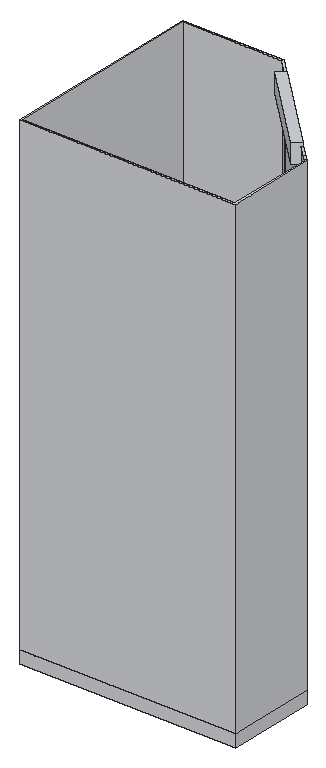
Revit family "M_Ducha - Canto", category Peças hidrossanitárias, Revit 2019
Family settings
  Cota do conector redondo = Usar raio
  Tipo de parte = Normal
  Número OmniClass = 23.45.05.14.21.11
  Título OmniClass = Bath/Shower Units
  ID de item do Seek = Shower Stall - Corner-0000-CAN-ENU
  Com base no plano de trabalho = Não
  Sempre na vertical = Sim
  Corte com vazios quando carregada = Não
  Compartilhado = Não
  Ponto de cálculo do ambiente = Não
Parameters (values of type "865 mmx815 mm - Público")
  Largura 1 = 31.75 mm * sin(45.00°)  # 22.451 mm
  WFU = 2
  Largura do chuveiro = 815 mm
  Material da ducha = none
  Comprimento do chuveiro = 865 mm
  Altura do chuveiro = 1956 mm
  Raio do sanitário = 25 mm
  Diâmetro do sanitário = 2 * Raio do sanitário  # 50 mm
  Comprimento 1 = 406.4 mm
  Raio da água quente = 7.5 mm
  Diâmetro da água quente = 2 * Raio da água quente  # 15 mm
  Altura 1 = 990 mm
  Largura da meia porta = 1 / 2 * Largura da porta  # 228.5 mm
  HWFU = 3
  Pressão do fluxo [instance] = 55158.0 Pa
  Largura da porta = 457 mm
  Material da porta = none
  Material da maçaneta = none
  Raio da água gelada = 7.5 mm
  Diâmetro da água gelada = 2 * Raio da água gelada  # 15 mm
  CWFU = 3
Types (3, lengths in mm): name | HWFU | CWFU
  (no name) | 3 | 3
  865 mmx815 mm - Público | 3 | 3
  865 mmx815 mm - Privado | 1 | 1
Reference planes
  plane 1 "Centro (Frente/Trás)": y = 0
  plane 2: z = 0
  plane 3 "Centro (Esquerda/Direita)": x = 0
  plane 4: z = 1956
  plane 5: x = 865
  plane 6: y = 815
  plane 7: y = 808.65
  plane 8: x = 6.35
  plane 9: x = 858.65
  plane 10: y = 6.35
  plane 11: y = 776.9
  plane 12: x = 38.1
  plane 13: x = 826.9
  plane 14: y = 38.1
  plane 15: x = 406.4
  plane 16: z = 50.8
  plane 17: z = 38.1
  plane 18: y = 407.5
  plane 19: x = 432.5
  plane 20: x = 394.4
  plane 21: x = 470.6
  plane 22: through (466.951, 761.229, 1219.2) normal (0.7071, 0.7071, 0)
  plane 23: z = 990
  plane 24: z = 882.05
  plane 25: z = 1968.7
  plane 26: z = 1892.5
  plane 27: z = 914.4
  plane 28: y = 521.8
  plane 29: y = 293.2
Forms (mm)
  Extrusion 1, solid, material <- "Material da ducha"
    sketch origin (0, 0, 0) x (1, 0, 0) y (0, 1, 0)
      loop
        line (0, 815) -> (0, 0) -> (865, 0) -> (865, 356.4) -> (797.274, 424.126) -> (792.784, 419.636) -> (858.65, 353.77) -> (858.65, 6.35) -> (6.35, 6.35) -> (6.35, 808.65) -> (403.77, 808.65) -> (469.636, 742.784) -> (474.126, 747.274) -> (406.4, 815) -> (0, 815)
    from 50.8 to 1956
  Extrusion 2, solid, material <- "Material da ducha"
    sketch origin (0, 0, 0) x (1, 0, 0) y (0, 1, 0)
      loop
        line (0, 815) -> (0, 0) -> (865, 0) -> (865, 356.4) -> (406.4, 815) -> (0, 815)
    from 0 to 50.8
  Extrusion 3, void
    sketch origin (0, 0, 0) x (1, 0, 0) y (0, 1, 0)
      loop
        line (38.1, 776.9) -> (38.1, 38.1) -> (826.9, 38.1) -> (826.9, 340.618) -> (390.618, 776.9) -> (38.1, 776.9)
    from 38.1 to 50.8
  Extrusion 4, solid, material <- "Material da porta"
    sketch origin (0, 0, 0) x (1, 0, 0) y (0, 1, 0)
      loop
        line (474.126, 747.274) -> (469.636, 742.784) -> (792.784, 419.636) -> (797.274, 424.126) -> (474.126, 747.274)
    from 50.8 to 1892.5
  Extrusion 5, solid, material <- "Material da ducha"
    sketch origin (0, 0, 0) x (1, 0, 0) y (0, 1, 0)
      loop
        circle (432.5, 407.5) r 31.75
    from 0 to 38.1
  Extrusion 6, solid, material <- "Material da ducha"
    sketch origin (0, 0, 0) x (0, 1, 0) y (0, 0, 1)
      loop
        circle (521.8, 914.4) r 12.7
      loop
        circle (293.2, 914.4) r 12.7
    from 0 to 6.35
  Extrusion 7, solid, material <- "Material da ducha"
    sketch origin (797.274, 424.126, 0) x (-0.707107, 0.707107, 0) y (0, 0, 1)
      loop
        line (0, 1968.7) -> (0, 1892.5) -> (457, 1892.5) -> (457, 1968.7) -> (0, 1968.7)
    from -38.1 to 0
  Extrusion 8, solid, material <- "Material da maçaneta"
    sketch origin (797.274, 424.126, 0) x (-0.707107, 0.707107, 0) y (0, 0, 1)
      loop
        line (422.075, 990) -> (422.075, 882.05) -> (444.3, 882.05) -> (444.3, 990) -> (422.075, 990)
    from 0 to 5.862
Cuts and joins
  Extrusion 3 cuts Extrusion 2
  joined: Extrusion 1, Extrusion 6
Lines and regions (mm)
  reference lines
    curve 1: line (406.4, 815, 0) -> (963.176, 258.224, 0)
    curve 2: line (958.686, 253.734, 0) -> (401.91, 810.51, 0)
    curve 3: line (936.235, 231.283, 0) -> (379.459, 788.059, 0)
    curve 4: line (865, 815, 0) -> (492.319, 442.319, 0)
    curve 5: line (611.758, 884.906, 0) -> (422.331, 695.479, 0)
    curve 6: line (980.044, 606.896, 0) -> (674.429, 301.281, 0)
    curve 7: line (38.1, 38.1, 0) -> (865, 815, 0)
    curve 10: line (38.1, 776.9, 0) -> (826.9, 38.1, 0)
    curve 13: line (558.99, 814.177, 0) -> (398.815, 654.003, 0)
    curve 14: line (559.252, 783.008, 0) -> (412.547, 636.304, 0)
  symbolic lines
    curve 8: line (38.1, 38.1, 0) -> (394.4, 372.856, 0)
    curve 9: line (470.6, 444.448, 0) -> (600.771, 566.748, 0)
    curve 11: line (38.1, 776.9, 0) -> (394.4, 443.185, 0)
    curve 12: line (470.6, 371.815, 0) -> (826.9, 38.1, 0)
Dimensions and locks
  "Comprimento do chuveiro": plane 3 "Centro (Esquerda/Direita)" to plane 5
  "Largura do chuveiro": plane 6 to plane 1 "Centro (Frente/Trás)"
  locked: plane 6 to plane 7 at 6.35
  locked: plane 3 "Centro (Esquerda/Direita)" to plane 8 at 6.35
  locked: plane 9 to plane 5 at 6.35
  locked: plane 1 "Centro (Frente/Trás)" to plane 10 at 6.35
  locked: plane 7 to plane 11 at 31.75
  locked: plane 8 to plane 12 at 31.75
  locked: plane 13 to plane 9 at 31.75
  locked: plane 10 to plane 14 at 31.75
  "Comprimento 1": plane 3 "Centro (Esquerda/Direita)" to plane 15
  "Altura do chuveiro": plane 4 to plane 2
  locked: plane 16 to plane 2 at 50.8
  locked: plane 16 to plane 17 at 12.7
  curve 3 to curve 2 to curve 1 = 31.75 mm locked, 6.35 mm locked
  "Largura da meia porta": curve 5 to curve 4
  "Largura da meia porta": curve 4 to curve 6
  equal spacing: plane 6, plane 18, plane 1 "Centro (Frente/Trás)"
  equal spacing: plane 3 "Centro (Esquerda/Direita)", plane 19, plane 5
  locked: curve 5 to curve 13 at 12.7
  locked: curve 13 to curve 14 at 22.225
  "Altura 1": plane 23 to plane 2
  locked: plane 23 to plane 24 at 107.95
  locked: plane 25 to plane 4 at 12.7
  locked: plane 4 to plane 26 at 63.5
  locked: plane 27 to plane 2 at 914.4
  plane 28 to plane 18 to plane 29 = 114.3 mm locked, 114.3 mm locked
  locked: Extrusion 8 to Extrusion 7 at 5.862
  plane 20 to plane 19 to plane 21 = 38.1 mm locked, 38.1 mm locked
  radius of Extrusion 5 sketch curve = 31.75 mm
  locked: curve 1 to plane 6 (angle 45.00°)
  locked: curve 4 to plane 5 (angle 45.00°)
  aligned and locked: plane 15 to curve 1
  aligned and locked: plane 3 "Centro (Esquerda/Direita)" to Extrusion 1 sketch curve
  aligned and locked: Extrusion 1 sketch curve to plane 6
  aligned and locked: plane 1 "Centro (Frente/Trás)" to Extrusion 1 sketch curve
  aligned and locked: Extrusion 1 sketch curve to plane 5
  aligned and locked: Extrusion 1 sketch curve to curve 1
  aligned and locked: plane 7 to Extrusion 1 sketch curve
  aligned and locked: Extrusion 1 sketch curve to plane 8
  aligned and locked: plane 10 to Extrusion 1 sketch curve
  aligned and locked: plane 9 to Extrusion 1 sketch curve
  aligned and locked: curve 2 to Extrusion 1 sketch curve
  aligned and locked: plane 4 to Extrusion 1
  aligned and locked: Extrusion 1 to plane 16
  aligned and locked: curve 5 to Extrusion 1 sketch curve
  aligned and locked: curve 6 to Extrusion 1 sketch curve
  aligned and locked: plane 6 to Extrusion 2 sketch curve
  aligned and locked: Extrusion 2 sketch curve to plane 3 "Centro (Esquerda/Direita)"
  aligned and locked: plane 1 "Centro (Frente/Trás)" to Extrusion 2 sketch curve
  aligned and locked: plane 5 to Extrusion 2 sketch curve
  aligned and locked: Extrusion 2 sketch curve to curve 1
  aligned and locked: Extrusion 2 to plane 2
  aligned and locked: plane 16 to Extrusion 2
  aligned and locked: plane 11 to Extrusion 3 sketch curve
  aligned and locked: curve 3 to Extrusion 3 sketch curve
  aligned and locked: plane 13 to Extrusion 3 sketch curve
  aligned and locked: plane 14 to Extrusion 3 sketch curve
  aligned and locked: Extrusion 3 sketch curve to plane 12
  aligned and locked: Extrusion 3 to plane 17
  aligned and locked: plane 16 to Extrusion 3
  aligned and locked: curve 5 to Extrusion 4 sketch curve
  aligned and locked: Extrusion 4 sketch curve to curve 2
  aligned and locked: Extrusion 4 sketch curve to curve 6
  aligned and locked: Extrusion 4 sketch curve to curve 1
  aligned and locked: Extrusion 4 to plane 16
  aligned and locked: plane 18 to Extrusion 5 sketch curve
  aligned and locked: plane 19 to Extrusion 5 sketch curve
  aligned and locked: Extrusion 5 to plane 2
  aligned and locked: plane 17 to Extrusion 5
  aligned and locked: plane 14 to curve 7
  aligned and locked: plane 12 to curve 7
  aligned and locked: plane 5 to curve 7
  aligned and locked: plane 6 to curve 7
  aligned and locked: curve 8 to curve 7
  aligned and locked: plane 14 to curve 8
  aligned and locked: plane 20 to curve 8
  aligned and locked: curve 7 to curve 9
  aligned and locked: plane 21 to curve 9
  aligned and locked: curve 3 to curve 9
  aligned and locked: plane 11 to curve 10
  aligned and locked: plane 12 to curve 10
  aligned and locked: plane 13 to curve 10
  aligned and locked: plane 14 to curve 10
  aligned and locked: curve 11 to curve 10
  aligned and locked: plane 12 to curve 11
  aligned and locked: curve 10 to curve 12
  aligned and locked: plane 21 to curve 12
  aligned and locked: plane 13 to curve 12
  aligned and locked: plane 26 to Extrusion 4
  aligned and locked: plane 27 to Extrusion 6 sketch curve  (x2)
  aligned and locked: plane 28 to Extrusion 6 sketch curve
  aligned and locked: plane 29 to Extrusion 6 sketch curve
  aligned and locked: Extrusion 6 to plane 3 "Centro (Esquerda/Direita)"
  aligned and locked: plane 8 to Extrusion 6
  aligned and locked: curve 5 to Extrusion 7
  aligned and locked: Extrusion 7 to curve 6
  aligned and locked: Extrusion 7 to curve 3
  aligned and locked: Extrusion 7 to curve 1
  aligned and locked: plane 25 to Extrusion 7
  aligned and locked: Extrusion 7 to plane 26
  aligned and locked: curve 13 to Extrusion 8
  aligned and locked: Extrusion 8 to curve 14
  aligned and locked: Extrusion 8 to plane 24
  aligned and locked: plane 23 to Extrusion 8
  aligned and locked: plane 20 to curve 11
Automatic sketch dimensions
  Extrusion 1 sketch curve to plane 15 = 2.63 mm
  Extrusion 1 sketch curve to Extrusion 1 sketch curve = 2.63 mm
  plane 11 to curve 3 = 11.159 mm
  plane 7 to curve 2 = 1.86 mm
  plane 20 to curve 13 = 4.415 mm
  curve 5 to plane 19 = 10.169 mm
  curve 13 to plane 6 = 0.823 mm
  curve 13 to curve 14 = 0.262 mm
  plane 6 to curve 5 = 69.906 mm
  curve 6 to plane 18 = 106.219 mm
  curve 3 to curve 1 = 26.941 mm  (x2)
  curve 2 to curve 1 = 4.49 mm
  plane 5 to curve 6 = 115.044 mm
  curve 14 to curve 13 = 17.699 mm
  curve 1 to plane 6 = 0 mm
  Extrusion 4 to Extrusion 7 sketch curve = 0 mm  (x2)
  Extrusion 7 sketch curve to Extrusion 4 = 0 mm
  Extrusion 7 sketch curve to Extrusion 4 = 76.2 mm
  Extrusion 8 sketch curve to Extrusion 4 = 12.7 mm
  Extrusion 8 sketch curve to Extrusion 8 sketch curve = 22.225 mm
  Extrusion 4 to Extrusion 8 sketch curve = 1010.45 mm
  Extrusion 8 sketch curve to Extrusion 8 sketch curve = 107.95 mm
  radius of Extrusion 6 sketch curve = 12.7 mm  (x2)
Connectors
  piping at (432.5, 407.5, 0), diameter 50, driven by "Raio do sanitário", driven by "WFU"
    settings: on Extrusion 5, index 1, connector inside diameter 50 mm, connector length 0 mm, flow factor 0, pipe flow 0.0 L/s, pressure drop 0.0 Pa, fitting loss kfactor 0, connector angle 0.00°, fixture units 2, engagement length 0 mm, angle of deflection 0.00°, flow configuration 3, flow direction 2, fitting loss method 0, system type 16, joint type 0, gender type 0, connector reference index -1, connector utility 0, adjustable connector no, is connector primary no, connector description "Saída"
  piping at (0, 521.8, 914.4), diameter 15, driven by "Raio da água gelada", driven by "CWFU", driven by "Pressão do fluxo"
    settings: on Extrusion 6, index 2, connector inside diameter 15 mm, connector length 0 mm, flow factor 0, pipe flow 0.0 L/s, pressure drop 55158.0 Pa, fitting loss kfactor 0, connector angle 0.00°, fixture units 3, engagement length 0 mm, angle of deflection 0.00°, flow configuration 3, flow direction 1, fitting loss method 4, system type 20, joint type 0, gender type 0, connector reference index -1, connector utility 0, adjustable connector no, is connector primary yes, connector description "In"
  piping at (0, 293.2, 914.4), diameter 15, driven by "Raio da água quente", driven by "HWFU", driven by "Pressão do fluxo"
    settings: on Extrusion 6, index 3, connector inside diameter 15 mm, connector length 0 mm, flow factor 0, pipe flow 0.0 L/s, pressure drop 55158.0 Pa, fitting loss kfactor 0, connector angle 0.00°, fixture units 3, engagement length 0 mm, angle of deflection 0.00°, flow configuration 3, flow direction 1, fitting loss method 4, system type 19, joint type 0, gender type 0, connector reference index -1, connector utility 0, adjustable connector no, is connector primary no, connector description "In"
